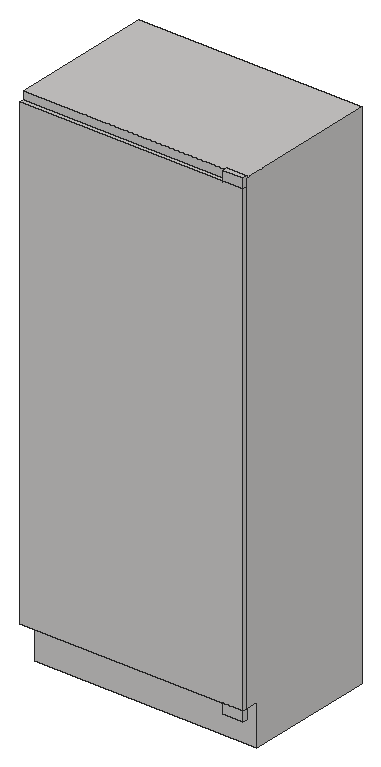
Revit family "RC492704", category Generic Models, Revit 2014
Parameters (values of type "RC 492704")
  Width = 908 mm
  URL = "http://www.gaggenau.com."
  Model = "RC 492704"
  Manufacturer = "Gaggenau"
  Height = 2125 mm
  Handle = Metal Panel
  Fridge = Metal Panel
  Door = Metal Panel
  Description = "Gaggenau 36\" Refigeration column"
  Depth = 608 mm
Reference planes
  plane 1 "Center (Front/Back)": y = 0
  plane 2: z = 0
  plane 3 "Center (Left/Right)": x = 0
  plane 4: z = 2125
  plane 5: x = -454
  plane 6: x = 454
  plane 7: y = 266.012
  plane 8: y = -341.988
  plane 9: z = 181
  plane 10: z = 102
  plane 11: z = 14.093
  plane 12: z = 2131
  plane 13: z = 2091
  plane 14: y = -268.988
  plane 15: y = -321.988
  plane 16: x = 393.794
Forms (mm)
  Extrusion 1, solid, material "Metal Panel" <- "Fridge"
    sketch origin (0, 0, 0) x (0, 1, 0) y (0, 0, 1)
      loop
        line (266.012, 2125) -> (-321.988, 2125) -> (-321.988, 181) -> (-268.988, 181) -> (-268.988, 14.093) -> (266.012, 14.093) -> (266.012, 2125)
    from -454 to 454
  Extrusion 2, solid, material "Metal Panel" <- "Door"
    sketch origin (0, 0, 0) x (1, 0, 0) y (0, 0, 1)
      loop
        line (-454, 181) -> (454, 181) -> (454, 2091) -> (-454, 2091) -> (-454, 181)
    from 321.988 to 341.988
  Extrusion 3, solid, material "Metal Panel" <- "Door"
    sketch origin (0, 0, -0.35) x (1, 0, 0) y (0, 0, 1)
      loop
        line (454, 2131.35) -> (374, 2131.35) -> (374, 2091.35) -> (454, 2091.35) -> (454, 2131.35)
      loop
        line (454, 181.35) -> (374, 181.35) -> (374, 141.35) -> (454, 141.35) -> (454, 181.35)
    from 321.988 to 341.988
  Extrusion 4, solid, material "Metal Panel" <- "Fridge"
    sketch origin (0, 0, 0) x (1, 0, 0) y (0, 1, 0)
      loop
        circle (-422.403, -159.898) r 11.868
      loop
        circle (-422.403, 159.898) r 11.868
      loop
        circle (422.403, -159.898) r 11.868
      loop
        circle (422.403, 159.898) r 11.868
    from 0 to 14.093
Dimensions and locks
  "Width": plane 5 to plane 6
  plane 7 to plane 8 = 608 mm  (x2)
  plane 4 to plane 2 = 2125 mm
  plane 9 to plane 2 = 181 mm
  plane 10 to plane 2 = 102 mm
  plane 12 to plane 13 = 40 mm
  plane 14 to plane 8 = 73 mm
  plane 6 to plane 16 = 60.206 mm
  equal spacing: plane 5, plane 3 "Center (Left/Right)", plane 6
  plane 12 to plane 10 = 2029 mm
  aligned and locked: level to plane 2
  aligned and locked: plane 5 to Extrusion 1
  aligned and locked: plane 6 to Extrusion 1
  aligned and locked: Extrusion 2 to plane 8
  aligned and locked: Extrusion 2 to Extrusion 1
  aligned and locked: Extrusion 3 to plane 8
  aligned and locked: Extrusion 3 to Extrusion 1
  aligned and locked: plane 13 to Extrusion 2 sketch curve
  aligned and locked: plane 6 to Extrusion 2 sketch curve
  aligned and locked: plane 5 to Extrusion 2 sketch curve
Automatic sketch dimensions
  Extrusion 1 sketch curve to plane 4 = 0 mm
  Extrusion 1 sketch curve to plane 15 = 0 mm
  Extrusion 1 sketch curve to plane 9 = 0 mm
  Extrusion 1 sketch curve to plane 14 = 0 mm
  Extrusion 1 sketch curve to plane 7 = 0 mm
  Extrusion 1 sketch curve to plane 11 = 0 mm
  Extrusion 4 sketch curve to plane 5 = 31.597 mm  (x2)
  plane 16 to Extrusion 4 sketch curve = 28.608 mm  (x2)
  Extrusion 4 sketch curve to plane 14 = 109.089 mm  (x2)
  Extrusion 4 sketch curve to plane 7 = 106.114 mm  (x2)
  plane 10 to Extrusion 2 sketch curve = 79 mm
  Extrusion 3 sketch curve to plane 16 = 19.794 mm  (x2)
  Extrusion 3 sketch curve to plane 12 = 0 mm
  Extrusion 3 sketch curve to plane 6 = 0 mm  (x2)
  Extrusion 3 sketch curve to plane 9 = 0 mm
  Extrusion 3 sketch curve to plane 13 = 0 mm
  Extrusion 3 sketch curve to plane 9 = 40 mm
  radius of Extrusion 4 sketch curve = 11.868 mm  (x4)
